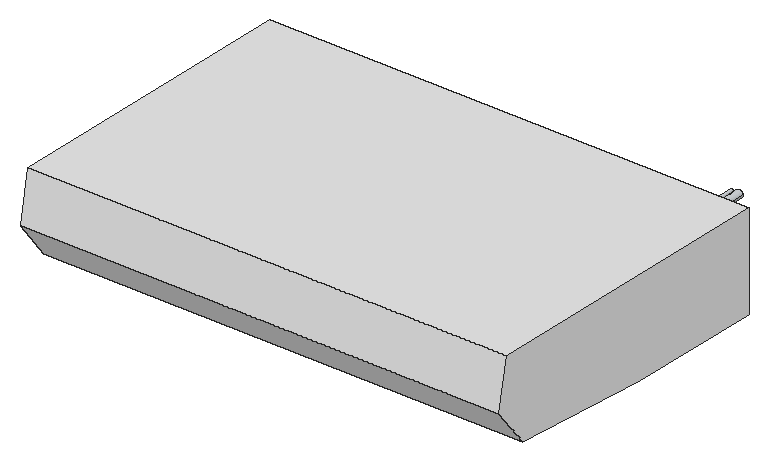
Revit family "EU_SINGLE_IDU_CEILING_Ver.1.0", category Mechanical Equipment, Revit 2016
Family settings
  Part Type = Normal
  Round Connector Dimension = Use Radius
  Work Plane-Based = No
  Always vertical = Yes
  Cut with Voids When Loaded = No
  Shared = No
  Room Calculation Point = No
Parameters (values of type "7.1kW, 220-240V, Ceiling, R32")
  Voltage [instance] = "220~240 V"
  URL = "www.samsung.com"
  Total Heating Capacity [instance] = 8 kW
  Total Cooling Capacity [instance] = 7.1 kW
  System Served = ""
  Supply Air Connection Width [instance] = 0.00 mm
  Supply Air Connection Offset Bottom [instance] = 0.00 mm
  Supply Air Connection Height [instance] = 0.00 mm
  Subscribe for Update Alerts = ""
  Sound Pressure Middle [instance] = "44.00 dB(A)"
  Sound Pressure Low [instance] = "42.00 dB(A)"
  Sound Pressure High [instance] = "46.00 dB(A)"
  Sound Power Cooling [instance] = "64.00 dB(A)"
  Serial Number = ""
  Sensible Cooling Capacity [instance] = 0 kW
  Sales Rep Locator = ""
  Return Air Connection Width [instance] = 0.00 mm
  Return Air Connection Offset Bottom [instance] = 0.00 mm
  Return Air Connection Height [instance] = 0.00 mm
  Refrigerant Type = "R32"
  Refrigerant Suction Gas Connection Radius [instance] = if(1 = 1, Refrigerant Suction Gas Connection Diameter / 2, 0.00 mm)  # 7.94 mm
  Refrigerant Suction Gas Connection Offset Left [instance] = 64.00 mm
  Refrigerant Suction Gas Connection Offset Bottom [instance] = 179.00 mm
  Refrigerant Suction Gas Connection Diameter [instance] = 15.88 mm
  Refrigerant Liquid Connection Radius [instance] = if(1 = 1, Refrigerant Liquid Connection Diameter / 2, 0.00 mm)  # 3.175 mm
  Refrigerant Liquid Connection Offset Left [instance] = 79.00 mm
  Refrigerant Liquid Connection Offset Bottom [instance] = 179.00 mm
  Refrigerant Liquid Connection Diameter [instance] = 6.35 mm
  Product Page URL = ""
  Product Documentation Link = ""
  Power Supply [instance] = 50 Hz
  Power Input Heating [instance] = 3.05 W
  Power Input Cooling [instance] = 2.87 W
  Power Connection Offset Left [instance] = 0.00 mm
  Power Connection Offset Bottom [instance] = 0.00 mm
  Phase [instance] = 1
  Panel net Dimensions Width [instance] = 0.00 mm
  Panel net Dimensions Height [instance] = 0.00 mm
  Panel net Dimensions Depth [instance] = 0.00 mm
  Panel Model = "-"
  Panel  Net Weight = 0.00 kg
  Number of poles [instance] = ""
  Notes = ""
  Net Weight = 20.00 kg
  Net Dimensions Width [instance] = 1000.00 mm
  Net Dimensions Height [instance] = 200.00 mm
  Net Dimensions Depth [instance] = 650.00 mm
  Moter Ouput = 40 W
  Model = "AC071RNCDKG/EU"
  Maximum Rated Over Protection Device [instance] = "Fuse"
  Manufacturer Metadata = ""
  Manufacturer = "SAMSUNG"
  Location = ""
  Heating Leaving Dry Bulb Temperature [instance] = 0 °C
  Heating Entering Dry Bulb Temperature [instance] = 7 °C
  Free Content Downloads = ""
  Family Load Status [instance] = "Valid - Type loaded via type catalog"
  External Static Pressure [instance] = "0.00 mmAq"
  Equipment Finish [instance] = Molded case
  Designation = ""
  Design Heating Air Flow Minimum [instance] = "0.00 CMM"
  Design Heating Air Flow Maximum [instance] = "0.00 CMM"
  Design Cooling Air Flow Minimum [instance] = "13.10 CMM"
  Design Cooling Air Flow Maximum [instance] = "15.20 CMM"
  Design Ambient Winter Wet Bulb Temperature [instance] = 6 °C
  Design Ambient Winter Dry Bulb Temperature [instance] = 7 °C
  Design Ambient Summer Dry Bulb Temperature [instance] = 35 °C
  Decoration Panel Finish [instance] = White
  Current Input Heating [instance] = 13.2 A
  Current Input Cooling [instance] = 12.4 A
  Cooling Leaving Wet Bulb Temperature [instance] = 0 °C
  Cooling Leaving Dry Bulb Temperature [instance] = 0 °C
  Cooling Entering Wet Bulb Temperature [instance] = 24 °C
  Cooling Entering Dry Bulb Temperature [instance] = 35 °C
  Conduit for power supply & communication wiring [instance] = 0.00 mm
  Condensate Drain Connection Radius [instance] = if(1 = 1, Condensate Drain Connection Diameter / 2, 0.00 mm)  # 9.00 mm
  Condensate Drain Connection Offset left [instance] = 91.00 mm
  Condensate Drain Connection Offset Bottom [instance] = 35.00 mm
  Condensate Drain Connection Diameter [instance] = 18.00 mm
  Clearance Type [instance] = Do not Include Clearance : Do not Include Clearance
  Clearance Offset Top [instance] = 0.00 mm
  Clearance Offset Right [instance] = 600.00 mm
  Clearance Offset Left [instance] = 600.00 mm
  Clearance Offset Front [instance] = 600.00 mm
  Clearance Offset Bottom [instance] = 600.00 mm
  Clearance Offset Back [instance] = 600.00 mm
  Actual Ventilation Air Flow [instance] = "0.00 CMM"
  Actual Supply Air Flow [instance] = "0.00 CMM"
  Actual Return Air Flow [instance] = "0.00 CMM"
  Actual Air Flow Imbalance [instance] = "0.00 CMM"
Types (5, lengths in mm): name | Total Heating Capacity | Total Cooling Capacity | Sound Pressure Middle | Sound Pressure Low | Sound Pressure High | Sound Power Cooling | Refrigerant Type | Refrigerant Suction Gas Connection Radius | Refrigerant Suction Gas Connection Diameter | Power Input Heating | Power Input Cooling | Panel Model | Model | Design Cooling Air Flow Minimum | Design Cooling Air Flow Maximum | Decoration Panel Finish | Current Input Heating | Current Input Cooling | Cooling Entering Wet Bulb Temperature
  (no name) | 8 kW | 7.1 kW | "44.00 dB(A)" | "42.00 dB(A)" | "46.00 dB(A)" | "64.00 dB(A)" | "R32" | 7.94 | 15.88 | 3.05 W | 2.87 W | "-" | "AC071RNCDKG/EU" | "13.10 CMM" | "15.20 CMM" | White | 13.2 A | 12.4 A | 24 °C
  5.00 kW,  220-240V, CEILING | 6 kW | 5 kW | "39.00 dB(A)" | "36.00 dB(A)" | "41.00 dB(A)" | "60.00 dB(A)" | "R410A" | 6.35 | 12.70 | 0 W | 0 W | "" | "AC052MNCDKH/EU" | "10.00 CMM" | "12.60 CMM" | Ivory | 0 A | 0 A | 27 °C
  7.10 kW,  220-240V, CEILING | 8 kW | 7.1 kW | "44.00 dB(A)" | "42.00 dB(A)" | "46.00 dB(A)" | "64.00 dB(A)" | "R410A" | 7.94 | 15.88 | 0 W | 0 W | "" | "AC071MNCDKH/EU" | "13.10 CMM" | "15.20 CMM" | Ivory | 0 A | 0 A | 27 °C
  5.0kW, 220-240V, Ceiling, R32 | 6 kW | 5 kW | "39.00 dB(A)" | "26.00 dB(A)" | "41.00 dB(A)" | "60.00 dB(A)" | "R32" | 6.35 | 12.70 | 1.92 W | 1.58 W | "-" | "AC052RNCDKG/EU" | "10.00 CMM" | "12.60 CMM" | White | 8.5 A | 7.2 A | 24 °C
  7.1kW, 220-240V, Ceiling, R32 | 8 kW | 7.1 kW | "44.00 dB(A)" | "42.00 dB(A)" | "46.00 dB(A)" | "64.00 dB(A)" | "R32" | 7.94 | 15.88 | 3.05 W | 2.87 W | "-" | "AC071RNCDKG/EU" | "13.10 CMM" | "15.20 CMM" | White | 13.2 A | 12.4 A | 24 °C
Reference planes
  plane 1 "Center (Front/Back)": y = 0
  plane 2 "base": z = 0
  plane 3 "Center (Left/Right)": x = 0
  plane 4: x = -500
  plane 5: x = 500
  plane 6: y = 325
  plane 7: y = -325
  plane 8: z = 200
  plane 9: x = 436
  plane 10: z = 179
  plane 11: y = 380.824
  plane 12: x = 421
  plane 13: z = 179
  plane 14: x = 409
  plane 15: z = 35
Forms (mm)
  Extrusion 1, solid, material "Body"
    sketch origin (0, 0, 0) x (0, 1, 0) y (0, 0, 1)
      loop
        line (325, 0) -> (325, 200) -> (-305, 200) -> (-325, 100.5) -> (-264.376, 21.114) -> (37.562, 0) -> (325, 0)
    from -500 to 500
  Extrusion 2, solid
    sketch origin (0, 0, 0) x (1, 0, 0) y (0, 0, 1)
      loop
        circle (436, 179) r 7.94
    from -380.824 to -325
  Extrusion 3, solid
    sketch origin (0, 0, 0) x (1, 0, 0) y (0, 0, 1)
      loop
        circle (421, 179) r 3.175
    from -380.824 to -325
  Extrusion 4, solid
    sketch origin (0, 0, 0) x (1, 0, 0) y (0, 0, 1)
      loop
        circle (409, 35) r 9
    from -380.824 to -325
Dimensions and locks
  equal spacing: plane 6, plane 1 "Center (Front/Back)", plane 7
  equal spacing: plane 4, plane 3 "Center (Left/Right)", plane 5
  "Net Dimensions Width": plane 4 to plane 5
  "Net Dimensions Depth": plane 6 to plane 7
  "Net Dimensions Height": plane 8 to plane 2 "base"
  "Refrigerant Suction Gas Connection Offset Left": plane 5 to plane 9
  "Refrigerant Suction Gas Connection Offset Bottom": plane 2 "base" to plane 10
  locked: plane 11 to plane 6 at 55.824
  "Refrigerant Liquid Connection Offset Bottom": plane 2 "base" to plane 13
  "Refrigerant Liquid Connection Offset Left": plane 5 to plane 12
  "Condensate Drain Connection Offset Bottom": plane 2 "base" to plane 15
  "Condensate Drain Connection Offset left": plane 5 to plane 14
  "Refrigerant Suction Gas Connection Radius": radius of Extrusion 2 sketch curve
  "Refrigerant Liquid Connection Radius": radius of Extrusion 3 sketch curve
  "Condensate Drain Connection Radius": radius of Extrusion 4 sketch curve
  aligned and locked: level to plane 2 "base"
  aligned and locked: Extrusion 1 sketch curve to plane 8
  aligned and locked: plane 8 to Extrusion 1  (x2)
  aligned and locked: Extrusion 1 to level
  aligned and locked: plane 5 to Extrusion 1
  aligned and locked: Extrusion 1 to plane 4
  aligned and locked: Extrusion 2 to Extrusion 1
  aligned and locked: plane 11 to Extrusion 2
  aligned and locked: Extrusion 3 to plane 6
  aligned and locked: plane 11 to Extrusion 3
  aligned and locked: Extrusion 4 to plane 6
  aligned and locked: plane 11 to Extrusion 4
  aligned and locked: plane 3 "Center (Left/Right)" to nested 1
  aligned and locked: plane 1 "Center (Front/Back)" to nested 1
  aligned and locked: nested 1 to nested 2
  aligned and locked: plane 3 "Center (Left/Right)" to nested 2
  aligned and locked: nested 2 to nested 3
Automatic sketch dimensions
  Extrusion 1 sketch curve to level = 0.00 mm
  Extrusion 1 sketch curve to plane 6 = 0.00 mm
  plane 7 to Extrusion 1 sketch curve = 20.00 mm
  level to Extrusion 1 sketch curve = 21.114 mm
  plane 7 to Extrusion 1 sketch curve = 60.624 mm
  Extrusion 1 sketch curve to plane 1 "Center (Front/Back)" = 37.562 mm
  Extrusion 1 sketch curve to plane 8 = 99.50 mm
  Extrusion 1 sketch curve to plane 7 = 0.00 mm
  Extrusion 2 sketch curve to plane 9 = 0.00 mm
  Extrusion 2 sketch curve to plane 10 = 0.00 mm
  Extrusion 3 sketch curve to plane 12 = 0.00 mm
  Extrusion 3 sketch curve to plane 13 = 0.00 mm
  Extrusion 4 sketch curve to plane 14 = 0.00 mm
  Extrusion 4 sketch curve to plane 15 = 0.00 mm
Nested families
  nested 1: "Do not Include Clearance" at (0, 0, 0), type <- "Clearance Type", type "Do not Include Clearance"
    with Equipment Finish none
  nested 2: "Do not Include Clearance" at (0, 0, 0), type <- "Clearance Type", type "Do not Include Clearance"
    with Equipment Finish Default
  nested 3: "SAMSUNG(CI)" at (-280, 1497.318, 165) x (1, 0, 0) z (0, -1, 0), type "samsung(ci)"
    with Product Name "DVM S Eco(NEW)", Operating Mode "HEAT PUMP"
Connectors
  piping at (436, 380.824, 179), diameter 15.88, driven by "Refrigerant Suction Gas Connection Radius"
    settings: on Extrusion 2, index 1, connector inside diameter 15 mm, connector length 0.00 mm, flow factor 0, pipe flow 0.0 L/s, pressure drop 0.0 Pa, fitting loss kfactor 0, connector angle 0.00°, fixture units 0, engagement length 0.00 mm, angle of deflection 0.00°, flow configuration 0, flow direction 0, fitting loss method 0, system type 7, joint type 0, gender type 0, connector reference index -1, connector utility 0, adjustable connector no, is connector primary yes, connector description ""
  piping at (421, 380.824, 179), diameter 6.35, driven by "Refrigerant Liquid Connection Radius"
    settings: on Extrusion 3, index 2, connector inside diameter 15 mm, connector length 0.00 mm, flow factor 0, pipe flow 0.0 L/s, pressure drop 0.0 Pa, fitting loss kfactor 0, connector angle 0.00°, fixture units 0, engagement length 0.00 mm, angle of deflection 0.00°, flow configuration 0, flow direction 0, fitting loss method 0, system type 7, joint type 0, gender type 0, connector reference index -1, connector utility 0, adjustable connector no, is connector primary no, connector description ""
  piping at (409, 380.824, 35), diameter 18, driven by "Condensate Drain Connection Radius"
    settings: on Extrusion 4, index 3, connector inside diameter 15 mm, connector length 0.00 mm, flow factor 0, pipe flow 0.0 L/s, pressure drop 0.0 Pa, fitting loss kfactor 0, connector angle 0.00°, fixture units 0, engagement length 0.00 mm, angle of deflection 0.00°, flow configuration 0, flow direction 0, fitting loss method 0, system type 7, joint type 0, gender type 0, connector reference index -1, connector utility 0, adjustable connector no, is connector primary no, connector description ""
Definition of nested family "SAMSUNG(CI)"
  Parameters
    URL = "www.samsung.com"
    System Served = ""
    Subscribe for Update Alerts = ""
    Serial Number = ""
    Sales Rep Locator = ""
    Product Page URL = ""
    Product Name [instance] = ""
    Product Documentation Link = ""
    Operating Mode [instance] = ""
    Notes = "CI"
    Model = ""
    Manufacturer Metadata = ""
    Manufacturer = "Samsung"  # constant formula
    Location = ""
    Free Content Downloads = ""
    Designation = ""
  Reference planes
    plane 1 "Center (Front/Back)": y = 0
    plane 2 "base": z = 0
    plane 3 "Center (Left/Right)": x = 0
  Forms (mm)
    Extrusion 1, solid
      sketch origin (470, -165, 0) x (-1, 0, 0) y (0, 0, -1)
        loop
          arc (257.256, -1327.003) -> (250.338, -1326.182) -> (246.692, -1320.247) r 7.992
          line (246.692, -1320.247) -> (246.692, -1316.852) -> (254.047, -1316.852) -> (254.047, -1319.116)
          arc (254.047, -1319.116) -> (257.466, -1321.062) -> (257.391, -1317.127) r 2.263
          line (257.391, -1317.127) -> (249.306, -1312.728)
          arc (249.306, -1312.728) -> (247.087, -1310.67) -> (246.126, -1307.8) r 6.121
          line (246.126, -1307.8) -> (246.126, -1305.537)
          arc (246.126, -1305.537) -> (256.31, -1298.732) -> (266.493, -1305.537) r 11.022
          line (266.493, -1305.537) -> (266.493, -1308.932) -> (258.573, -1308.932) -> (258.573, -1306.67)
          arc (258.573, -1306.67) -> (255.141, -1304.732) -> (255.255, -1308.672) r 2.263
          line (255.255, -1308.672) -> (262.602, -1312.849)
          arc (262.602, -1312.849) -> (264.902, -1315.01) -> (265.958, -1317.984) r 6.706
          line (265.958, -1317.984) -> (265.958, -1320.244)
          arc (265.958, -1320.244) -> (265.331, -1322.736) -> (263.599, -1324.635) r 5.266
          arc (263.599, -1324.635) -> (269.025, -1322.29) -> (274.406, -1319.842) r 309.246
          arc (274.406, -1319.842) -> (278.355, -1318.08) -> (282.217, -1316.133) r 91.892
          arc (282.217, -1316.133) -> (284.487, -1314.928) -> (286.71, -1313.637) r 67.043
          arc (286.71, -1313.637) -> (288.174, -1312.641) -> (289.623, -1311.624) r 121.609
          arc (289.623, -1311.624) -> (291.117, -1310.542) -> (292.57, -1309.404) r 48.689
          arc (292.57, -1309.404) -> (294.017, -1308.27) -> (295.392, -1307.049) r 29.649
          arc (295.392, -1307.049) -> (296.546, -1305.939) -> (297.62, -1304.752) r 22.979
          arc (297.62, -1304.752) -> (298.5, -1303.664) -> (299.288, -1302.508) r 17.124
          arc (299.288, -1302.508) -> (299.934, -1301.43) -> (300.463, -1300.289) r 11.876
          arc (300.463, -1300.289) -> (300.873, -1299.221) -> (301.145, -1298.11) r 9.086
          arc (301.145, -1298.11) -> (301.278, -1297.058) -> (301.276, -1295.997) r 8.267
          arc (301.276, -1295.997) -> (301.138, -1294.967) -> (300.882, -1293.959) r 8.908
          arc (300.882, -1293.959) -> (300.464, -1292.961) -> (299.951, -1292.008) r 11.032
          arc (299.951, -1292.008) -> (299.271, -1291.052) -> (298.518, -1290.151) r 15.106
          arc (298.518, -1290.151) -> (297.573, -1289.247) -> (296.575, -1288.401) r 21.501
          arc (296.575, -1288.401) -> (295.391, -1287.553) -> (294.167, -1286.762) r 30.601
          arc (294.167, -1286.762) -> (292.748, -1285.976) -> (291.3, -1285.244) r 42.727
          arc (291.3, -1285.244) -> (289.673, -1284.52) -> (288.025, -1283.846) r 57.776
          arc (288.025, -1283.846) -> (286.199, -1283.189) -> (284.358, -1282.578) r 76.022
          arc (284.358, -1282.578) -> (282.36, -1281.985) -> (280.35, -1281.435) r 97.926
          arc (280.35, -1281.435) -> (278.19, -1280.909) -> (276.022, -1280.422) r 124.368
          arc (276.022, -1280.422) -> (273.733, -1279.959) -> (271.437, -1279.532) r 146.449
          arc (271.437, -1279.532) -> (269.028, -1279.133) -> (266.613, -1278.768) r 171.678
          arc (266.613, -1278.768) -> (264.05, -1278.423) -> (261.483, -1278.111) r 205.135
          arc (261.483, -1278.111) -> (258.718, -1277.817) -> (255.949, -1277.556) r 233.448
          arc (255.949, -1277.556) -> (252.988, -1277.314) -> (250.025, -1277.105) r 268.023
          arc (250.025, -1277.105) -> (246.868, -1276.923) -> (243.709, -1276.774) r 304.233
          arc (243.709, -1276.774) -> (240.371, -1276.654) -> (237.032, -1276.566) r 343.121
          arc (237.032, -1276.566) -> (233.516, -1276.513) -> (230, -1276.492) r 378.704
          arc (230, -1276.492) -> (226.326, -1276.505) -> (222.653, -1276.551) r 416.052
          arc (222.653, -1276.551) -> (218.83, -1276.637) -> (215.009, -1276.756) r 449.8
          arc (215.009, -1276.756) -> (211.061, -1276.912) -> (207.116, -1277.101) r 482.662
          arc (207.116, -1277.101) -> (203.058, -1277.332) -> (199.003, -1277.596) r 510.257
          arc (199.003, -1277.596) -> (194.862, -1277.898) -> (190.724, -1278.232) r 534.514
          arc (190.724, -1278.232) -> (186.519, -1278.608) -> (182.317, -1279.015) r 553.014
          arc (182.317, -1279.015) -> (178.075, -1279.459) -> (173.837, -1279.935) r 565.829
          arc (173.837, -1279.935) -> (169.582, -1280.448) -> (165.33, -1280.992) r 573.124
          arc (165.33, -1280.992) -> (161.086, -1281.567) -> (156.847, -1282.173) r 572.829
          arc (156.847, -1282.173) -> (152.64, -1282.809) -> (148.438, -1283.476) r 567.911
          arc (148.438, -1283.476) -> (144.289, -1284.166) -> (140.146, -1284.886) r 555.278
          arc (140.146, -1284.886) -> (136.082, -1285.626) -> (132.023, -1286.397) r 540.479
          arc (132.023, -1286.397) -> (128.058, -1287.18) -> (124.101, -1287.994) r 515.558
          arc (124.101, -1287.994) -> (120.26, -1288.815) -> (116.427, -1289.667) r 488.161
          arc (116.427, -1289.667) -> (112.721, -1290.52) -> (109.022, -1291.404) r 460.471
          arc (109.022, -1291.404) -> (105.471, -1292.284) -> (101.927, -1293.194) r 440.452
          arc (101.927, -1293.194) -> (98.536, -1294.092) -> (95.154, -1295.02) r 391.802
          arc (95.154, -1295.02) -> (91.941, -1295.93) -> (88.738, -1296.872) r 331.309
          line (88.738, -1296.872) -> (82.661, -1298.749)
          arc (82.661, -1298.749) -> (88.888, -1300.708) -> (92.11, -1306.386) r 8.913
          line (92.11, -1306.386) -> (92.11, -1319.398)
          arc (92.11, -1319.398) -> (82.493, -1327.035) -> (72.875, -1319.398) r 9.874
          line (72.875, -1319.398) -> (72.875, -1317.418) -> (80.513, -1317.418) -> (80.513, -1319.398)
          arc (80.513, -1319.398) -> (82.493, -1321.378) -> (84.473, -1319.398) r 1.98
          line (84.473, -1319.398) -> (84.473, -1306.386)
          arc (84.473, -1306.386) -> (82.493, -1304.406) -> (80.513, -1306.386) r 1.98
          line (80.513, -1306.386) -> (80.513, -1309.497) -> (82.493, -1309.497) -> (82.493, -1313.458) -> (72.875, -1313.458) -> (72.875, -1305.954)
          arc (72.875, -1305.954) -> (73.704, -1303.268) -> (75.521, -1301.124) r 7.016
          arc (75.521, -1301.124) -> (69.244, -1303.532) -> (63.008, -1306.046) r 397.928
          arc (63.008, -1306.046) -> (58.393, -1307.876) -> (53.856, -1309.892) r 121.956
          arc (53.856, -1309.892) -> (51.144, -1311.161) -> (48.475, -1312.518) r 91.735
          arc (48.475, -1312.518) -> (46.666, -1313.58) -> (44.872, -1314.665) r 164.173
          arc (44.872, -1314.665) -> (43.011, -1315.824) -> (41.189, -1317.042) r 67.791
          arc (41.189, -1317.042) -> (39.37, -1318.259) -> (37.617, -1319.569) r 41.777
          arc (37.617, -1319.569) -> (36.123, -1320.766) -> (34.702, -1322.049) r 32.257
          arc (34.702, -1322.049) -> (33.514, -1323.225) -> (32.413, -1324.483) r 23.512
          arc (32.413, -1324.483) -> (31.486, -1325.648) -> (30.675, -1326.898) r 15.562
          arc (30.675, -1326.898) -> (30.011, -1328.05) -> (29.494, -1329.275) r 10.886
          arc (29.494, -1329.275) -> (29.138, -1330.411) -> (28.939, -1331.584) r 8.779
          arc (28.939, -1331.584) -> (28.887, -1332.701) -> (28.985, -1333.815) r 8.408
          arc (28.985, -1333.815) -> (29.253, -1334.902) -> (29.645, -1335.951) r 9.661
          arc (29.645, -1335.951) -> (30.217, -1336.996) -> (30.883, -1337.984) r 12.903
          arc (30.883, -1337.984) -> (31.76, -1338.973) -> (32.705, -1339.897) r 18.535
          arc (32.705, -1339.897) -> (33.858, -1340.823) -> (35.061, -1341.686) r 27.033
          arc (35.061, -1341.686) -> (36.483, -1342.543) -> (37.94, -1343.338) r 38.822
          arc (37.94, -1343.338) -> (39.599, -1344.124) -> (41.284, -1344.854) r 53.845
          arc (41.284, -1344.854) -> (43.167, -1345.565) -> (45.069, -1346.224) r 72.44
          arc (45.069, -1346.224) -> (47.147, -1346.862) -> (49.238, -1347.453) r 95.068
          arc (49.238, -1347.453) -> (51.494, -1348.016) -> (53.761, -1348.536) r 122.777
          arc (53.761, -1348.536) -> (56.159, -1349.028) -> (58.566, -1349.48) r 145.634
          arc (58.566, -1349.48) -> (61.094, -1349.901) -> (63.628, -1350.284) r 171.922
          arc (63.628, -1350.284) -> (66.326, -1350.644) -> (69.029, -1350.969) r 207.343
          arc (69.029, -1350.969) -> (71.954, -1351.275) -> (74.883, -1351.543) r 236.909
          arc (74.883, -1351.543) -> (78.029, -1351.79) -> (81.177, -1352.001) r 273.522
          arc (81.177, -1352.001) -> (84.545, -1352.181) -> (87.915, -1352.325) r 311.841
          arc (87.915, -1352.325) -> (91.487, -1352.436) -> (95.059, -1352.511) r 353.101
          arc (95.059, -1352.511) -> (98.832, -1352.547) -> (102.605, -1352.546) r 390.355
          arc (102.605, -1352.546) -> (106.556, -1352.505) -> (110.505, -1352.429) r 429.401
          arc (110.505, -1352.429) -> (114.621, -1352.306) -> (118.736, -1352.147) r 463.961
          arc (118.736, -1352.147) -> (122.989, -1351.944) -> (127.241, -1351.705) r 497.155
          arc (127.241, -1351.705) -> (131.612, -1351.417) -> (135.981, -1351.093) r 523.922
          arc (135.981, -1351.093) -> (140.44, -1350.725) -> (144.895, -1350.32) r 546.438
          arc (144.895, -1350.32) -> (149.415, -1349.869) -> (153.932, -1349.381) r 562.058
          arc (153.932, -1349.381) -> (158.481, -1348.853) -> (163.027, -1348.289) r 570.808
          arc (163.027, -1348.289) -> (167.576, -1347.685) -> (172.121, -1347.045) r 573.187
          arc (172.121, -1347.045) -> (176.64, -1346.372) -> (181.154, -1345.663) r 566.808
          arc (181.154, -1345.663) -> (185.613, -1344.924) -> (190.065, -1344.149) r 555.457
          arc (190.065, -1344.149) -> (194.438, -1343.353) -> (198.803, -1342.521) r 535.611
          arc (198.803, -1342.521) -> (203.059, -1341.673) -> (207.308, -1340.788) r 513.885
          arc (207.308, -1340.788) -> (211.429, -1339.896) -> (215.542, -1338.968) r 481.756
          arc (215.542, -1338.968) -> (219.502, -1338.038) -> (223.452, -1337.073) r 447.901
          arc (223.452, -1337.073) -> (227.24, -1336.114) -> (231.018, -1335.119) r 414.22
          arc (231.018, -1335.119) -> (234.611, -1334.137) -> (238.195, -1333.12) r 389.27
          arc (238.195, -1333.12) -> (241.59, -1332.125) -> (244.974, -1331.094) r 337.122
          arc (244.974, -1331.094) -> (248.154, -1330.094) -> (251.321, -1329.055) r 275.24
          line (251.321, -1329.055) -> (257.256, -1327.003)
        loop
          line (229.763, -1322.879) -> (226.651, -1298.748) -> (218.731, -1298.748) -> (223.54, -1327.035) -> (235.986, -1327.035) -> (240.795, -1298.748) -> (232.875, -1298.748) -> (229.763, -1322.879)
        loop
          line (198.289, -1310.063) -> (201.117, -1327.035) -> (213.564, -1327.035) -> (213.564, -1298.748) -> (206.209, -1298.748) -> (206.209, -1323.433) -> (202.249, -1298.748) -> (194.328, -1298.748) -> (190.368, -1323.434) -> (190.368, -1298.748) -> (183.014, -1298.748) -> (183.014, -1327.035) -> (195.46, -1327.035) -> (198.289, -1310.063)
        loop
          line (173.066, -1312.849) -> (165.642, -1308.628)
          arc (165.642, -1308.628) -> (165.642, -1304.709) -> (169.036, -1306.669) r 2.263
          line (169.036, -1306.669) -> (169.036, -1308.932) -> (176.957, -1308.932) -> (176.957, -1305.537)
          arc (176.957, -1305.537) -> (166.773, -1298.748) -> (156.59, -1305.537) r 11.032
          line (156.59, -1305.537) -> (156.59, -1307.8)
          arc (156.59, -1307.8) -> (157.551, -1310.67) -> (159.769, -1312.728) r 6.121
          line (159.769, -1312.728) -> (167.855, -1317.127)
          arc (167.855, -1317.127) -> (167.93, -1321.06) -> (164.51, -1319.115) r 2.263
          line (164.51, -1319.115) -> (164.51, -1316.852) -> (157.156, -1316.852) -> (157.156, -1320.247)
          arc (157.156, -1320.247) -> (166.773, -1327.036) -> (176.391, -1320.247) r 10.207
          arc (176.391, -1320.247) -> (175.936, -1316.005) -> (173.066, -1312.849) r 6.87
        loop
          line (150.047, -1327.035) -> (150.047, -1306.669)
          arc (150.047, -1306.669) -> (139.864, -1298.748) -> (129.68, -1306.669) r 10.507
          line (129.68, -1306.669) -> (129.68, -1327.035) -> (137.601, -1327.035) -> (137.601, -1306.669)
          arc (137.601, -1306.669) -> (139.864, -1304.406) -> (142.127, -1306.669) r 2.263
          line (142.127, -1306.669) -> (142.127, -1327.035) -> (150.047, -1327.035)
        loop
          line (105.828, -1308.649) -> (113.183, -1327.035) -> (122.574, -1327.035) -> (122.574, -1298.748) -> (115.559, -1298.748) -> (115.559, -1317.135) -> (108.204, -1298.748) -> (98.813, -1298.748) -> (98.813, -1327.035) -> (105.828, -1327.035) -> (105.828, -1308.649)
      from 0 to 2
    Extrusion 2, solid, not visible
      sketch origin (470, -165, 0) x (-1, 0, 0) y (0, 0, -1)
        loop
          arc (257.256, -1327.003) -> (250.338, -1326.182) -> (246.692, -1320.247) r 7.992
          line (246.692, -1320.247) -> (246.692, -1316.852) -> (254.047, -1316.852) -> (254.047, -1319.116)
          arc (254.047, -1319.116) -> (257.466, -1321.062) -> (257.391, -1317.127) r 2.263
          line (257.391, -1317.127) -> (249.306, -1312.728)
          arc (249.306, -1312.728) -> (247.087, -1310.67) -> (246.126, -1307.8) r 6.121
          line (246.126, -1307.8) -> (246.126, -1305.537)
          arc (246.126, -1305.537) -> (256.31, -1298.732) -> (266.493, -1305.537) r 11.022
          line (266.493, -1305.537) -> (266.493, -1308.932) -> (258.573, -1308.932) -> (258.573, -1306.67)
          arc (258.573, -1306.67) -> (255.141, -1304.732) -> (255.255, -1308.672) r 2.263
          line (255.255, -1308.672) -> (262.602, -1312.849)
          arc (262.602, -1312.849) -> (264.902, -1315.01) -> (265.958, -1317.984) r 6.706
          line (265.958, -1317.984) -> (265.958, -1320.244)
          arc (265.958, -1320.244) -> (265.331, -1322.736) -> (263.599, -1324.635) r 5.266
          arc (263.599, -1324.635) -> (269.025, -1322.29) -> (274.406, -1319.842) r 309.246
          arc (274.406, -1319.842) -> (278.355, -1318.08) -> (282.217, -1316.133) r 91.892
          arc (282.217, -1316.133) -> (284.487, -1314.928) -> (286.71, -1313.637) r 67.043
          arc (286.71, -1313.637) -> (288.174, -1312.641) -> (289.623, -1311.624) r 121.609
          arc (289.623, -1311.624) -> (291.117, -1310.542) -> (292.57, -1309.404) r 48.689
          arc (292.57, -1309.404) -> (294.017, -1308.27) -> (295.392, -1307.049) r 29.649
          arc (295.392, -1307.049) -> (296.546, -1305.939) -> (297.62, -1304.752) r 22.979
          arc (297.62, -1304.752) -> (298.5, -1303.664) -> (299.288, -1302.508) r 17.124
          arc (299.288, -1302.508) -> (299.934, -1301.43) -> (300.463, -1300.289) r 11.876
          arc (300.463, -1300.289) -> (300.873, -1299.221) -> (301.145, -1298.11) r 9.086
          arc (301.145, -1298.11) -> (301.278, -1297.058) -> (301.276, -1295.997) r 8.267
          arc (301.276, -1295.997) -> (301.138, -1294.967) -> (300.882, -1293.959) r 8.908
          arc (300.882, -1293.959) -> (300.464, -1292.961) -> (299.951, -1292.008) r 11.032
          arc (299.951, -1292.008) -> (299.271, -1291.052) -> (298.518, -1290.151) r 15.106
          arc (298.518, -1290.151) -> (297.573, -1289.247) -> (296.575, -1288.401) r 21.501
          arc (296.575, -1288.401) -> (295.391, -1287.553) -> (294.167, -1286.762) r 30.601
          arc (294.167, -1286.762) -> (292.748, -1285.976) -> (291.3, -1285.244) r 42.727
          arc (291.3, -1285.244) -> (289.673, -1284.52) -> (288.025, -1283.846) r 57.776
          arc (288.025, -1283.846) -> (286.199, -1283.189) -> (284.358, -1282.578) r 76.022
          arc (284.358, -1282.578) -> (282.36, -1281.985) -> (280.35, -1281.435) r 97.926
          arc (280.35, -1281.435) -> (278.19, -1280.909) -> (276.022, -1280.422) r 124.368
          arc (276.022, -1280.422) -> (273.733, -1279.959) -> (271.437, -1279.532) r 146.449
          arc (271.437, -1279.532) -> (269.028, -1279.133) -> (266.613, -1278.768) r 171.678
          arc (266.613, -1278.768) -> (264.05, -1278.423) -> (261.483, -1278.111) r 205.135
          arc (261.483, -1278.111) -> (258.718, -1277.817) -> (255.949, -1277.556) r 233.448
          arc (255.949, -1277.556) -> (252.988, -1277.314) -> (250.025, -1277.105) r 268.023
          arc (250.025, -1277.105) -> (246.868, -1276.923) -> (243.709, -1276.774) r 304.233
          arc (243.709, -1276.774) -> (240.371, -1276.654) -> (237.032, -1276.566) r 343.121
          arc (237.032, -1276.566) -> (233.516, -1276.513) -> (230, -1276.492) r 378.704
          arc (230, -1276.492) -> (226.326, -1276.505) -> (222.653, -1276.551) r 416.052
          arc (222.653, -1276.551) -> (218.83, -1276.637) -> (215.009, -1276.756) r 449.8
          arc (215.009, -1276.756) -> (211.061, -1276.912) -> (207.116, -1277.101) r 482.662
          arc (207.116, -1277.101) -> (203.058, -1277.332) -> (199.003, -1277.596) r 510.257
          arc (199.003, -1277.596) -> (194.862, -1277.898) -> (190.724, -1278.232) r 534.514
          arc (190.724, -1278.232) -> (186.519, -1278.608) -> (182.317, -1279.015) r 553.014
          arc (182.317, -1279.015) -> (178.075, -1279.459) -> (173.837, -1279.935) r 565.829
          arc (173.837, -1279.935) -> (169.582, -1280.448) -> (165.33, -1280.992) r 573.124
          arc (165.33, -1280.992) -> (161.086, -1281.567) -> (156.847, -1282.173) r 572.829
          arc (156.847, -1282.173) -> (152.64, -1282.809) -> (148.438, -1283.476) r 567.911
          arc (148.438, -1283.476) -> (144.289, -1284.166) -> (140.146, -1284.886) r 555.278
          arc (140.146, -1284.886) -> (136.082, -1285.626) -> (132.023, -1286.397) r 540.479
          arc (132.023, -1286.397) -> (128.058, -1287.18) -> (124.101, -1287.994) r 515.558
          arc (124.101, -1287.994) -> (120.26, -1288.815) -> (116.427, -1289.667) r 488.161
          arc (116.427, -1289.667) -> (112.721, -1290.52) -> (109.022, -1291.404) r 460.471
          arc (109.022, -1291.404) -> (105.471, -1292.284) -> (101.927, -1293.194) r 440.452
          arc (101.927, -1293.194) -> (98.536, -1294.092) -> (95.154, -1295.02) r 391.802
          arc (95.154, -1295.02) -> (91.941, -1295.93) -> (88.738, -1296.872) r 331.309
          line (88.738, -1296.872) -> (82.661, -1298.749)
          arc (82.661, -1298.749) -> (88.888, -1300.708) -> (92.11, -1306.386) r 8.913
          line (92.11, -1306.386) -> (92.11, -1319.398)
          arc (92.11, -1319.398) -> (82.493, -1327.035) -> (72.875, -1319.398) r 9.874
          line (72.875, -1319.398) -> (72.875, -1317.418) -> (80.513, -1317.418) -> (80.513, -1319.398)
          arc (80.513, -1319.398) -> (82.493, -1321.378) -> (84.473, -1319.398) r 1.98
          line (84.473, -1319.398) -> (84.473, -1306.386)
          arc (84.473, -1306.386) -> (82.493, -1304.406) -> (80.513, -1306.386) r 1.98
          line (80.513, -1306.386) -> (80.513, -1309.497) -> (82.493, -1309.497) -> (82.493, -1313.458) -> (72.875, -1313.458) -> (72.875, -1305.954)
          arc (72.875, -1305.954) -> (73.704, -1303.268) -> (75.521, -1301.124) r 7.016
          arc (75.521, -1301.124) -> (69.244, -1303.532) -> (63.008, -1306.046) r 397.928
          arc (63.008, -1306.046) -> (58.393, -1307.876) -> (53.856, -1309.892) r 121.956
          arc (53.856, -1309.892) -> (51.144, -1311.161) -> (48.475, -1312.518) r 91.735
          arc (48.475, -1312.518) -> (46.666, -1313.58) -> (44.872, -1314.665) r 164.173
          arc (44.872, -1314.665) -> (43.011, -1315.824) -> (41.189, -1317.042) r 67.791
          arc (41.189, -1317.042) -> (39.37, -1318.259) -> (37.617, -1319.569) r 41.777
          arc (37.617, -1319.569) -> (36.123, -1320.766) -> (34.702, -1322.049) r 32.257
          arc (34.702, -1322.049) -> (33.514, -1323.225) -> (32.413, -1324.483) r 23.512
          arc (32.413, -1324.483) -> (31.486, -1325.648) -> (30.675, -1326.898) r 15.562
          arc (30.675, -1326.898) -> (30.011, -1328.05) -> (29.494, -1329.275) r 10.886
          arc (29.494, -1329.275) -> (29.138, -1330.411) -> (28.939, -1331.584) r 8.779
          arc (28.939, -1331.584) -> (28.887, -1332.701) -> (28.985, -1333.815) r 8.408
          arc (28.985, -1333.815) -> (29.253, -1334.902) -> (29.645, -1335.951) r 9.661
          arc (29.645, -1335.951) -> (30.217, -1336.996) -> (30.883, -1337.984) r 12.903
          arc (30.883, -1337.984) -> (31.76, -1338.973) -> (32.705, -1339.897) r 18.535
          arc (32.705, -1339.897) -> (33.858, -1340.823) -> (35.061, -1341.686) r 27.033
          arc (35.061, -1341.686) -> (36.483, -1342.543) -> (37.94, -1343.338) r 38.822
          arc (37.94, -1343.338) -> (39.599, -1344.124) -> (41.284, -1344.854) r 53.845
          arc (41.284, -1344.854) -> (43.167, -1345.565) -> (45.069, -1346.224) r 72.44
          arc (45.069, -1346.224) -> (47.147, -1346.862) -> (49.238, -1347.453) r 95.068
          arc (49.238, -1347.453) -> (51.494, -1348.016) -> (53.761, -1348.536) r 122.777
          arc (53.761, -1348.536) -> (56.159, -1349.028) -> (58.566, -1349.48) r 145.634
          arc (58.566, -1349.48) -> (61.094, -1349.901) -> (63.628, -1350.284) r 171.922
          arc (63.628, -1350.284) -> (66.326, -1350.644) -> (69.029, -1350.969) r 207.343
          arc (69.029, -1350.969) -> (71.954, -1351.275) -> (74.883, -1351.543) r 236.909
          arc (74.883, -1351.543) -> (78.029, -1351.79) -> (81.177, -1352.001) r 273.522
          arc (81.177, -1352.001) -> (84.545, -1352.181) -> (87.915, -1352.325) r 311.841
          arc (87.915, -1352.325) -> (91.487, -1352.436) -> (95.059, -1352.511) r 353.101
          arc (95.059, -1352.511) -> (98.832, -1352.547) -> (102.605, -1352.546) r 390.355
          arc (102.605, -1352.546) -> (106.556, -1352.505) -> (110.505, -1352.429) r 429.401
          arc (110.505, -1352.429) -> (114.621, -1352.306) -> (118.736, -1352.147) r 463.961
          arc (118.736, -1352.147) -> (122.989, -1351.944) -> (127.241, -1351.705) r 497.155
          arc (127.241, -1351.705) -> (131.612, -1351.417) -> (135.981, -1351.093) r 523.922
          arc (135.981, -1351.093) -> (140.44, -1350.725) -> (144.895, -1350.32) r 546.438
          arc (144.895, -1350.32) -> (149.415, -1349.869) -> (153.932, -1349.381) r 562.058
          arc (153.932, -1349.381) -> (158.481, -1348.853) -> (163.027, -1348.289) r 570.808
          arc (163.027, -1348.289) -> (167.576, -1347.685) -> (172.121, -1347.045) r 573.187
          arc (172.121, -1347.045) -> (176.64, -1346.372) -> (181.154, -1345.663) r 566.808
          arc (181.154, -1345.663) -> (185.613, -1344.924) -> (190.065, -1344.149) r 555.457
          arc (190.065, -1344.149) -> (194.438, -1343.353) -> (198.803, -1342.521) r 535.611
          arc (198.803, -1342.521) -> (203.059, -1341.673) -> (207.308, -1340.788) r 513.885
          arc (207.308, -1340.788) -> (211.429, -1339.896) -> (215.542, -1338.968) r 481.756
          arc (215.542, -1338.968) -> (219.502, -1338.038) -> (223.452, -1337.073) r 447.901
          arc (223.452, -1337.073) -> (227.24, -1336.114) -> (231.018, -1335.119) r 414.22
          arc (231.018, -1335.119) -> (234.611, -1334.137) -> (238.195, -1333.12) r 389.27
          arc (238.195, -1333.12) -> (241.59, -1332.125) -> (244.974, -1331.094) r 337.122
          arc (244.974, -1331.094) -> (248.154, -1330.094) -> (251.321, -1329.055) r 275.24
          line (251.321, -1329.055) -> (257.256, -1327.003)
        loop
          line (229.763, -1322.879) -> (226.651, -1298.748) -> (218.731, -1298.748) -> (223.54, -1327.035) -> (235.986, -1327.035) -> (240.795, -1298.748) -> (232.875, -1298.748) -> (229.763, -1322.879)
        loop
          line (198.289, -1310.063) -> (201.117, -1327.035) -> (213.564, -1327.035) -> (213.564, -1298.748) -> (206.209, -1298.748) -> (206.209, -1323.433) -> (202.249, -1298.748) -> (194.328, -1298.748) -> (190.368, -1323.434) -> (190.368, -1298.748) -> (183.014, -1298.748) -> (183.014, -1327.035) -> (195.46, -1327.035) -> (198.289, -1310.063)
        loop
          line (173.066, -1312.849) -> (165.642, -1308.628)
          arc (165.642, -1308.628) -> (165.642, -1304.709) -> (169.036, -1306.669) r 2.263
          line (169.036, -1306.669) -> (169.036, -1308.932) -> (176.957, -1308.932) -> (176.957, -1305.537)
          arc (176.957, -1305.537) -> (166.773, -1298.748) -> (156.59, -1305.537) r 11.032
          line (156.59, -1305.537) -> (156.59, -1307.8)
          arc (156.59, -1307.8) -> (157.551, -1310.67) -> (159.769, -1312.728) r 6.121
          line (159.769, -1312.728) -> (167.855, -1317.127)
          arc (167.855, -1317.127) -> (167.93, -1321.06) -> (164.51, -1319.115) r 2.263
          line (164.51, -1319.115) -> (164.51, -1316.852) -> (157.156, -1316.852) -> (157.156, -1320.247)
          arc (157.156, -1320.247) -> (166.773, -1327.036) -> (176.391, -1320.247) r 10.207
          arc (176.391, -1320.247) -> (175.936, -1316.005) -> (173.066, -1312.849) r 6.87
        loop
          line (150.047, -1327.035) -> (150.047, -1306.669)
          arc (150.047, -1306.669) -> (139.864, -1298.748) -> (129.68, -1306.669) r 10.507
          line (129.68, -1306.669) -> (129.68, -1327.035) -> (137.601, -1327.035) -> (137.601, -1306.669)
          arc (137.601, -1306.669) -> (139.864, -1304.406) -> (142.127, -1306.669) r 2.263
          line (142.127, -1306.669) -> (142.127, -1327.035) -> (150.047, -1327.035)
        loop
          line (105.828, -1308.649) -> (113.183, -1327.035) -> (122.574, -1327.035) -> (122.574, -1298.748) -> (115.559, -1298.748) -> (115.559, -1317.135) -> (108.204, -1298.748) -> (98.813, -1298.748) -> (98.813, -1327.035) -> (105.828, -1327.035) -> (105.828, -1308.649)
      from 0 to 2
  Lines and regions (mm)
    model lines, not visible
      curve 1: arc (195.594, -165, 1319.842) -> (200.975, -165, 1322.29) -> (206.401, -165, 1324.635) r 309.246
      curve 2: arc (187.783, -165, 1316.133) -> (191.645, -165, 1318.08) -> (195.594, -165, 1319.842) r 91.892
      curve 3: arc (183.29, -165, 1313.637) -> (185.513, -165, 1314.928) -> (187.783, -165, 1316.133) r 67.043
      curve 4: arc (180.377, -165, 1311.624) -> (181.826, -165, 1312.641) -> (183.29, -165, 1313.637) r 121.609
      curve 5: arc (177.43, -165, 1309.404) -> (178.883, -165, 1310.542) -> (180.377, -165, 1311.624) r 48.689
      curve 6: arc (174.608, -165, 1307.049) -> (175.983, -165, 1308.27) -> (177.43, -165, 1309.404) r 29.649
      curve 7: arc (172.38, -165, 1304.752) -> (173.454, -165, 1305.939) -> (174.608, -165, 1307.049) r 22.979
      curve 8: arc (170.712, -165, 1302.508) -> (171.5, -165, 1303.664) -> (172.38, -165, 1304.752) r 17.124
      curve 9: arc (169.537, -165, 1300.289) -> (170.066, -165, 1301.43) -> (170.712, -165, 1302.508) r 11.876
      curve 10: arc (168.855, -165, 1298.11) -> (169.127, -165, 1299.221) -> (169.537, -165, 1300.289) r 9.086
      curve 11: arc (168.724, -165, 1295.997) -> (168.722, -165, 1297.058) -> (168.855, -165, 1298.11) r 8.267
      curve 12: arc (169.118, -165, 1293.959) -> (168.862, -165, 1294.967) -> (168.724, -165, 1295.997) r 8.908
      curve 13: arc (170.049, -165, 1292.008) -> (169.536, -165, 1292.961) -> (169.118, -165, 1293.959) r 11.032
      curve 14: arc (171.482, -165, 1290.151) -> (170.729, -165, 1291.052) -> (170.049, -165, 1292.008) r 15.106
      curve 15: arc (173.425, -165, 1288.401) -> (172.427, -165, 1289.247) -> (171.482, -165, 1290.151) r 21.501
      curve 16: arc (175.833, -165, 1286.762) -> (174.609, -165, 1287.553) -> (173.425, -165, 1288.401) r 30.601
      curve 17: arc (178.7, -165, 1285.244) -> (177.252, -165, 1285.976) -> (175.833, -165, 1286.762) r 42.727
      curve 18: arc (181.975, -165, 1283.846) -> (180.327, -165, 1284.52) -> (178.7, -165, 1285.244) r 57.776
      curve 19: arc (185.642, -165, 1282.578) -> (183.801, -165, 1283.189) -> (181.975, -165, 1283.846) r 76.022
      curve 20: arc (189.65, -165, 1281.435) -> (187.64, -165, 1281.985) -> (185.642, -165, 1282.578) r 97.926
      curve 21: arc (193.978, -165, 1280.422) -> (191.81, -165, 1280.909) -> (189.65, -165, 1281.435) r 124.368
      curve 22: arc (198.563, -165, 1279.532) -> (196.267, -165, 1279.959) -> (193.978, -165, 1280.422) r 146.449
      curve 23: arc (203.387, -165, 1278.768) -> (200.972, -165, 1279.133) -> (198.563, -165, 1279.532) r 171.678
      curve 24: arc (208.517, -165, 1278.111) -> (205.95, -165, 1278.423) -> (203.387, -165, 1278.768) r 205.135
      curve 25: arc (214.051, -165, 1277.556) -> (211.282, -165, 1277.817) -> (208.517, -165, 1278.111) r 233.448
      curve 26: arc (219.975, -165, 1277.105) -> (217.012, -165, 1277.314) -> (214.051, -165, 1277.556) r 268.023
      curve 27: arc (226.291, -165, 1276.774) -> (223.132, -165, 1276.923) -> (219.975, -165, 1277.105) r 304.233
      curve 28: arc (232.968, -165, 1276.566) -> (229.629, -165, 1276.654) -> (226.291, -165, 1276.774) r 343.121
      curve 29: arc (240, -165, 1276.492) -> (236.484, -165, 1276.513) -> (232.968, -165, 1276.566) r 378.704
      curve 30: arc (247.347, -165, 1276.551) -> (243.674, -165, 1276.505) -> (240, -165, 1276.492) r 416.052
      curve 31: arc (254.991, -165, 1276.756) -> (251.17, -165, 1276.637) -> (247.347, -165, 1276.551) r 449.8
      curve 32: arc (262.884, -165, 1277.101) -> (258.939, -165, 1276.912) -> (254.991, -165, 1276.756) r 482.662
      curve 33: arc (270.997, -165, 1277.596) -> (266.942, -165, 1277.332) -> (262.884, -165, 1277.101) r 510.257
      curve 34: arc (279.276, -165, 1278.232) -> (275.138, -165, 1277.898) -> (270.997, -165, 1277.596) r 534.514
      curve 35: arc (287.683, -165, 1279.015) -> (283.481, -165, 1278.608) -> (279.276, -165, 1278.232) r 553.014
      curve 36: arc (296.163, -165, 1279.935) -> (291.925, -165, 1279.459) -> (287.683, -165, 1279.015) r 565.829
      curve 37: arc (304.67, -165, 1280.992) -> (300.418, -165, 1280.448) -> (296.163, -165, 1279.935) r 573.124
      curve 38: arc (313.153, -165, 1282.173) -> (308.914, -165, 1281.567) -> (304.67, -165, 1280.992) r 572.829
      curve 39: arc (321.562, -165, 1283.476) -> (317.36, -165, 1282.809) -> (313.153, -165, 1282.173) r 567.911
      curve 40: arc (329.854, -165, 1284.886) -> (325.711, -165, 1284.166) -> (321.562, -165, 1283.476) r 555.278
      curve 41: arc (337.977, -165, 1286.397) -> (333.918, -165, 1285.626) -> (329.854, -165, 1284.886) r 540.479
      curve 42: arc (345.899, -165, 1287.994) -> (341.942, -165, 1287.18) -> (337.977, -165, 1286.397) r 515.558
      curve 43: arc (353.573, -165, 1289.667) -> (349.74, -165, 1288.815) -> (345.899, -165, 1287.994) r 488.161
      curve 44: arc (360.978, -165, 1291.404) -> (357.279, -165, 1290.52) -> (353.573, -165, 1289.667) r 460.471
      curve 45: arc (368.073, -165, 1293.194) -> (364.529, -165, 1292.284) -> (360.978, -165, 1291.404) r 440.452
      curve 46: arc (374.846, -165, 1295.02) -> (371.464, -165, 1294.092) -> (368.073, -165, 1293.194) r 391.802
      curve 47: arc (381.262, -165, 1296.872) -> (378.059, -165, 1295.93) -> (374.846, -165, 1295.02) r 331.309
      curve 48: line (387.339, -165, 1298.749) -> (381.262, -165, 1296.872)
      curve 49: arc (406.992, -165, 1306.046) -> (400.756, -165, 1303.532) -> (394.479, -165, 1301.124) r 397.928
      curve 50: arc (416.144, -165, 1309.892) -> (411.607, -165, 1307.876) -> (406.992, -165, 1306.046) r 121.956
      curve 51: arc (421.525, -165, 1312.518) -> (418.856, -165, 1311.161) -> (416.144, -165, 1309.892) r 91.735
      curve 52: arc (425.128, -165, 1314.665) -> (423.334, -165, 1313.58) -> (421.525, -165, 1312.518) r 164.173
      curve 53: arc (428.811, -165, 1317.042) -> (426.989, -165, 1315.824) -> (425.128, -165, 1314.665) r 67.791
      curve 54: arc (432.383, -165, 1319.569) -> (430.63, -165, 1318.259) -> (428.811, -165, 1317.042) r 41.777
      curve 55: arc (435.298, -165, 1322.049) -> (433.877, -165, 1320.766) -> (432.383, -165, 1319.569) r 32.257
      curve 56: arc (441.061, -165, 1331.584) -> (440.862, -165, 1330.411) -> (440.506, -165, 1329.275) r 8.779
      curve 57: arc (440.506, -165, 1329.275) -> (439.989, -165, 1328.05) -> (439.325, -165, 1326.898) r 10.886
      curve 58: arc (439.325, -165, 1326.898) -> (438.514, -165, 1325.648) -> (437.587, -165, 1324.483) r 15.562
      curve 59: arc (437.587, -165, 1324.483) -> (436.486, -165, 1323.225) -> (435.298, -165, 1322.049) r 23.512
      curve 60: arc (441.015, -165, 1333.815) -> (441.113, -165, 1332.701) -> (441.061, -165, 1331.584) r 8.408
      curve 61: arc (440.355, -165, 1335.951) -> (440.747, -165, 1334.902) -> (441.015, -165, 1333.815) r 9.661
      curve 62: arc (439.117, -165, 1337.984) -> (439.783, -165, 1336.996) -> (440.355, -165, 1335.951) r 12.903
      curve 63: arc (437.295, -165, 1339.897) -> (438.24, -165, 1338.973) -> (439.117, -165, 1337.984) r 18.535
      curve 64: arc (434.939, -165, 1341.686) -> (436.142, -165, 1340.823) -> (437.295, -165, 1339.897) r 27.033
      curve 65: arc (432.06, -165, 1343.338) -> (433.517, -165, 1342.543) -> (434.939, -165, 1341.686) r 38.822
      curve 66: arc (428.716, -165, 1344.854) -> (430.401, -165, 1344.124) -> (432.06, -165, 1343.338) r 53.845
      curve 67: arc (424.931, -165, 1346.224) -> (426.833, -165, 1345.565) -> (428.716, -165, 1344.854) r 72.44
      curve 68: arc (420.762, -165, 1347.453) -> (422.853, -165, 1346.862) -> (424.931, -165, 1346.224) r 95.068
      curve 69: arc (416.239, -165, 1348.536) -> (418.506, -165, 1348.016) -> (420.762, -165, 1347.453) r 122.777
      curve 70: arc (411.434, -165, 1349.48) -> (413.841, -165, 1349.028) -> (416.239, -165, 1348.536) r 145.634
      curve 71: arc (406.372, -165, 1350.284) -> (408.906, -165, 1349.901) -> (411.434, -165, 1349.48) r 171.922
      curve 72: arc (400.971, -165, 1350.969) -> (403.674, -165, 1350.644) -> (406.372, -165, 1350.284) r 207.343
      curve 73: arc (395.117, -165, 1351.543) -> (398.046, -165, 1351.275) -> (400.971, -165, 1350.969) r 236.909
      curve 74: arc (388.823, -165, 1352.001) -> (391.971, -165, 1351.79) -> (395.117, -165, 1351.543) r 273.522
      curve 75: arc (382.085, -165, 1352.325) -> (385.455, -165, 1352.181) -> (388.823, -165, 1352.001) r 311.841
      curve 76: arc (374.941, -165, 1352.511) -> (378.513, -165, 1352.436) -> (382.085, -165, 1352.325) r 353.101
      curve 77: arc (367.395, -165, 1352.546) -> (371.168, -165, 1352.547) -> (374.941, -165, 1352.511) r 390.355
      curve 78: arc (359.495, -165, 1352.429) -> (363.444, -165, 1352.505) -> (367.395, -165, 1352.546) r 429.401
      curve 79: arc (342.759, -165, 1351.705) -> (347.011, -165, 1351.944) -> (351.264, -165, 1352.147) r 497.155
      curve 80: arc (334.019, -165, 1351.093) -> (338.388, -165, 1351.417) -> (342.759, -165, 1351.705) r 523.922
      curve 81: arc (325.105, -165, 1350.32) -> (329.56, -165, 1350.725) -> (334.019, -165, 1351.093) r 546.438
      curve 82: arc (316.068, -165, 1349.381) -> (320.585, -165, 1349.869) -> (325.105, -165, 1350.32) r 562.058
      curve 83: arc (306.973, -165, 1348.289) -> (311.519, -165, 1348.853) -> (316.068, -165, 1349.381) r 570.808
      curve 84: arc (297.879, -165, 1347.045) -> (302.424, -165, 1347.685) -> (306.973, -165, 1348.289) r 573.187
      curve 85: arc (288.846, -165, 1345.663) -> (293.36, -165, 1346.372) -> (297.879, -165, 1347.045) r 566.808
      curve 86: arc (279.935, -165, 1344.149) -> (284.387, -165, 1344.924) -> (288.846, -165, 1345.663) r 555.457
      curve 87: arc (271.197, -165, 1342.521) -> (275.562, -165, 1343.353) -> (279.935, -165, 1344.149) r 535.611
      curve 88: arc (262.692, -165, 1340.788) -> (266.941, -165, 1341.673) -> (271.197, -165, 1342.521) r 513.885
      curve 89: arc (254.458, -165, 1338.968) -> (258.571, -165, 1339.896) -> (262.692, -165, 1340.788) r 481.756
      curve 90: arc (246.548, -165, 1337.073) -> (250.498, -165, 1338.038) -> (254.458, -165, 1338.968) r 447.901
      curve 91: arc (231.805, -165, 1333.12) -> (235.389, -165, 1334.137) -> (238.982, -165, 1335.119) r 389.27
      curve 92: arc (238.982, -165, 1335.119) -> (242.76, -165, 1336.114) -> (246.548, -165, 1337.073) r 414.22
      curve 93: arc (351.264, -165, 1352.147) -> (355.379, -165, 1352.306) -> (359.495, -165, 1352.429) r 463.961
      curve 94: line (212.744, -165, 1327.003) -> (218.679, -165, 1329.055)
      curve 95: arc (218.679, -165, 1329.055) -> (221.846, -165, 1330.094) -> (225.026, -165, 1331.094) r 275.24
      curve 96: arc (225.026, -165, 1331.094) -> (228.41, -165, 1332.125) -> (231.805, -165, 1333.12) r 337.122
      curve 97: line (240.576, -165, 1320.247) -> (243.349, -165, 1298.748)
      curve 98: line (243.349, -165, 1298.748) -> (251.269, -165, 1298.748)
      curve 99: line (251.269, -165, 1298.748) -> (246.46, -165, 1327.035)
      curve 100: line (246.46, -165, 1327.035) -> (234.014, -165, 1327.035)
      curve 101: line (234.014, -165, 1327.035) -> (229.205, -165, 1298.748)
      curve 102: line (229.205, -165, 1298.748) -> (237.125, -165, 1298.748)
      curve 103: line (237.125, -165, 1298.748) -> (239.898, -165, 1320.247)
      curve 104: line (271.428, -165, 1311.76) -> (268.883, -165, 1327.035)
      curve 105: line (268.883, -165, 1327.035) -> (256.436, -165, 1327.035)
      curve 106: line (256.436, -165, 1327.035) -> (256.436, -165, 1298.748)
      curve 107: line (256.436, -165, 1298.748) -> (263.791, -165, 1298.748)
      curve 108: line (263.791, -165, 1298.748) -> (263.791, -165, 1319.907)
      curve 109: line (274.54, -165, 1327.035) -> (271.994, -165, 1311.76)
      curve 110: line (275.672, -165, 1298.748) -> (279.066, -165, 1319.907)
      curve 111: line (279.632, -165, 1319.907) -> (279.632, -165, 1298.748)
      curve 112: line (286.986, -165, 1298.748) -> (286.986, -165, 1327.035)
      curve 113: line (279.632, -165, 1298.748) -> (286.986, -165, 1298.748)
      curve 114: line (264.357, -165, 1319.907) -> (267.751, -165, 1298.748)
      curve 115: line (267.751, -165, 1298.748) -> (275.672, -165, 1298.748)
      curve 116: line (286.986, -165, 1327.035) -> (274.54, -165, 1327.035)
      curve 117: line (340.32, -165, 1306.669) -> (340.32, -165, 1327.035)
      curve 118: line (340.32, -165, 1327.035) -> (332.399, -165, 1327.035)
      curve 119: line (332.399, -165, 1327.035) -> (332.399, -165, 1306.669)
      curve 120: arc (332.399, -165, 1306.669) -> (330.136, -165, 1304.406) -> (327.873, -165, 1306.669) r 2.263
      curve 121: line (327.873, -165, 1306.669) -> (327.873, -165, 1327.035)
      curve 122: line (327.873, -165, 1327.035) -> (319.953, -165, 1327.035)
      curve 123: line (319.953, -165, 1327.035) -> (319.953, -165, 1306.669)
      curve 124: line (363.833, -165, 1309.497) -> (356.817, -165, 1327.035)
      curve 125: line (356.817, -165, 1327.035) -> (347.426, -165, 1327.035)
      curve 126: line (347.426, -165, 1327.035) -> (347.426, -165, 1298.748)
      curve 127: line (347.426, -165, 1298.748) -> (354.441, -165, 1298.748)
      curve 128: line (354.441, -165, 1298.748) -> (354.441, -165, 1316.286)
      curve 129: line (364.172, -165, 1327.035) -> (364.172, -165, 1309.497)
      curve 130: line (371.187, -165, 1327.035) -> (364.172, -165, 1327.035)
      curve 131: line (371.187, -165, 1298.748) -> (371.187, -165, 1327.035)
      curve 132: line (361.796, -165, 1298.748) -> (371.187, -165, 1298.748)
      curve 133: line (354.781, -165, 1316.286) -> (361.796, -165, 1298.748)
      curve 134: line (377.89, -165, 1319.398) -> (377.89, -165, 1306.386)
      curve 135: line (385.527, -165, 1306.386) -> (385.527, -165, 1319.398)
      curve 136: arc (389.487, -165, 1319.398) -> (387.507, -165, 1321.378) -> (385.527, -165, 1319.398) r 1.98
      curve 137: arc (385.527, -165, 1306.386) -> (387.507, -165, 1304.406) -> (389.487, -165, 1306.386) r 1.98
      curve 138: line (387.507, -165, 1313.458) -> (387.507, -165, 1309.497)
      curve 139: line (387.507, -165, 1309.497) -> (389.487, -165, 1309.497)
      curve 140: line (389.487, -165, 1309.497) -> (389.487, -165, 1306.386)
      curve 141: line (397.125, -165, 1313.458) -> (387.507, -165, 1313.458)
      curve 142: line (397.125, -165, 1305.954) -> (397.125, -165, 1313.458)
      curve 143: line (397.125, -165, 1317.418) -> (397.125, -165, 1319.398)
      curve 144: line (389.487, -165, 1319.398) -> (389.487, -165, 1317.418)
      curve 145: line (389.487, -165, 1317.418) -> (397.125, -165, 1317.418)
      curve 146: arc (377.89, -165, 1319.398) -> (387.507, -165, 1327.035) -> (397.125, -165, 1319.398) r 9.874
      curve 147: arc (377.89, -165, 1306.386) -> (381.112, -165, 1300.708) -> (387.339, -165, 1298.749) r 8.913
      curve 148: arc (394.479, -165, 1301.124) -> (396.296, -165, 1303.268) -> (397.125, -165, 1305.954) r 7.016
      curve 149: line (312.844, -165, 1320.247) -> (312.844, -165, 1316.852)
      curve 150: line (312.844, -165, 1316.852) -> (305.49, -165, 1316.852)
      curve 151: line (305.49, -165, 1316.852) -> (305.49, -165, 1319.115)
      curve 152: arc (305.49, -165, 1319.115) -> (302.07, -165, 1321.06) -> (302.145, -165, 1317.127) r 2.263
      curve 153: line (302.145, -165, 1317.127) -> (310.231, -165, 1312.728)
      curve 154: arc (319.953, -165, 1306.669) -> (330.136, -165, 1298.748) -> (340.32, -165, 1306.669) r 10.507
      curve 155: line (296.934, -165, 1312.849) -> (304.358, -165, 1308.628)
      curve 156: arc (300.964, -165, 1306.669) -> (304.358, -165, 1304.709) -> (304.358, -165, 1308.628) r 2.263
      curve 157: line (313.41, -165, 1305.537) -> (313.41, -165, 1307.8)
      curve 158: line (293.043, -165, 1308.932) -> (293.043, -165, 1305.537)
      curve 159: line (300.964, -165, 1308.932) -> (293.043, -165, 1308.932)
      curve 160: line (300.964, -165, 1306.669) -> (300.964, -165, 1308.932)
      curve 161: line (293.609, -165, 1320.247) -> (293.609, -165, 1317.984)
      curve 162: arc (293.609, -165, 1320.247) -> (303.227, -165, 1327.036) -> (312.844, -165, 1320.247) r 10.207
      curve 163: arc (293.043, -165, 1305.537) -> (303.227, -165, 1298.748) -> (313.41, -165, 1305.537) r 11.032
      curve 164: arc (310.231, -165, 1312.728) -> (312.449, -165, 1310.67) -> (313.41, -165, 1307.8) r 6.121
      curve 165: arc (296.934, -165, 1312.849) -> (294.064, -165, 1316.005) -> (293.609, -165, 1320.247) r 6.87
      curve 166: line (211.427, -165, 1308.932) -> (203.507, -165, 1308.932)
      curve 167: arc (211.427, -165, 1306.67) -> (214.859, -165, 1304.732) -> (214.745, -165, 1308.672) r 2.263
      curve 168: line (211.427, -165, 1306.67) -> (211.427, -165, 1308.932)
      curve 169: line (203.507, -165, 1308.932) -> (203.507, -165, 1305.537)
      curve 170: line (223.874, -165, 1305.537) -> (223.874, -165, 1307.8)
      curve 171: line (220.694, -165, 1312.728) -> (212.609, -165, 1317.127)
      curve 172: arc (215.953, -165, 1319.116) -> (212.534, -165, 1321.062) -> (212.609, -165, 1317.128) r 2.263
      curve 173: line (215.953, -165, 1319.116) -> (215.953, -165, 1316.852)
      curve 174: line (215.953, -165, 1316.852) -> (223.308, -165, 1316.852)
      curve 175: line (223.308, -165, 1316.852) -> (223.308, -165, 1320.247)
      curve 176: line (204.042, -165, 1320.244) -> (204.042, -165, 1317.984)
      curve 177: arc (223.308, -165, 1320.247) -> (219.662, -165, 1326.182) -> (212.744, -165, 1327.003) r 7.992
      curve 178: arc (204.042, -165, 1320.244) -> (204.669, -165, 1322.736) -> (206.401, -165, 1324.635) r 5.266
      curve 179: arc (203.507, -165, 1305.537) -> (213.69, -165, 1298.732) -> (223.874, -165, 1305.537) r 11.022
      curve 180: arc (223.874, -165, 1307.8) -> (222.913, -165, 1310.67) -> (220.694, -165, 1312.728) r 6.121
      curve 181: line (207.398, -165, 1312.849) -> (214.745, -165, 1308.672)
      curve 182: arc (207.398, -165, 1312.849) -> (205.098, -165, 1315.01) -> (204.042, -165, 1317.984) r 6.706
  Dimensions and locks
    aligned and locked: level to plane 2 "base"
Definition of nested family "Do not Include Clearance"
  Parameters
    Width = 650.00 mm
    URL = ""
    Manufacturer = ""
    Length = 1000.00 mm
    Height = 250.00 mm
    Equipment Finish [instance] = none
    Copyright © = ""
    Clearance Offset Top = 0.00 mm
    Clearance Offset Right = 0.00 mm
    Clearance Offset Left = 0.00 mm
    Clearance Offset Front = 0.00 mm
    Clearance Offset Bottom = 0.00 mm
    Clearance Offset Back = 0.00 mm
    Assembly Code = ""
  Reference planes
    plane 1 "Center (Front/Back)": y = 0
    plane 2 "Bottom": z = 0
    plane 3 "Center (Left/Right)": x = 0
    plane 4 "Left": x = -500
    plane 5 "Back": y = 325
    plane 6 "Right": x = 500
    plane 7 "Front": y = -325
    plane 8 "Top": z = 250
    plane 9 "Clearance Offset Right": x = 500
    plane 10 "Clearance Offset Left": x = -500
    plane 11 "Clearance Offset Back": y = 325
    plane 12 "Clearance Offset Front": y = -325
    plane 13 "Clearance Offset Top": z = 250
    plane 14: z = 0
  Lines and regions (mm)
    symbolic lines
      curve 1: line (-500, 0, 250) -> (500, 0, 250)
      curve 2: line (-500, 0, 0) -> (-500, 0, 250)
      curve 3: line (500, 0, 0) -> (-500, 0, 0)
      curve 4: line (500, 0, 250) -> (500, 0, 0)
      curve 5: line (0, 325, 250) -> (0, -325, 250)
      curve 6: line (0, 325, 0) -> (0, 325, 250)
      curve 7: line (0, -325, 0) -> (0, 325, 0)
      curve 8: line (0, -325, 250) -> (0, -325, 0)
      curve 9: line (-500, 325, 0) -> (500, 325, 0)
      curve 10: line (-500, -325, 0) -> (-500, 325, 0)
      curve 11: line (500, -325, 0) -> (-500, -325, 0)
      curve 12: line (500, 325, 0) -> (500, -325, 0)
  Text (mm)
    text "Copyright © Daikin Industries, Ltd. 2008" at (0.011, 0.009, 0), in view "Ref. Level"
  Dimensions and locks
    equal spacing: plane 4 "Left", plane 3 "Center (Left/Right)", plane 6 "Right"
    "Length": plane 4 "Left" to plane 6 "Right"
    equal spacing: plane 5 "Back", plane 1 "Center (Front/Back)", plane 7 "Front"
    "Width": plane 5 "Back" to plane 7 "Front"
    "Height": plane 8 "Top" to plane 2 "Bottom"
    "Clearance Offset Front": plane 12 "Clearance Offset Front" to plane 7 "Front"
    "Clearance Offset Back": plane 11 "Clearance Offset Back" to plane 5 "Back"
    "Clearance Offset Left": plane 10 "Clearance Offset Left" to plane 4 "Left"
    "Clearance Offset Right": plane 6 "Right" to plane 9 "Clearance Offset Right"
    "Clearance Offset Top": plane 13 "Clearance Offset Top" to plane 8 "Top"
    curve 3 to plane 14 = 0.00 mm
    "Clearance Offset Bottom": plane 2 "Bottom" to plane 14
    aligned and locked: plane 2 "Bottom" to level
    aligned and locked: curve 1 to plane 13 "Clearance Offset Top"
    aligned and locked: plane 9 "Clearance Offset Right" to curve 4
    aligned and locked: plane 10 "Clearance Offset Left" to curve 2
    aligned and locked: plane 14 to curve 3
    aligned and locked: curve 8 to plane 12 "Clearance Offset Front"
    aligned and locked: curve 5 to plane 13 "Clearance Offset Top"
    aligned and locked: curve 6 to plane 11 "Clearance Offset Back"
    aligned and locked: plane 14 to curve 7
  Automatic sketch dimensions
    plane 7 "Front" to curve 11 = 0.00 mm
    curve 11 to plane 10 "Clearance Offset Left" = 0.00 mm
    curve 11 to plane 9 "Clearance Offset Right" = 0.00 mm
    curve 10 to plane 5 "Back" = 0.00 mm
